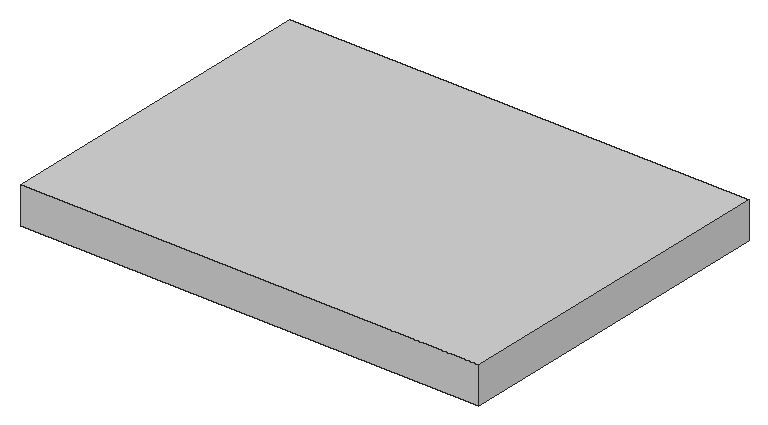
Revit family "EV_ECCENTRIC WASHER_1861692", category Generic Models, Revit 2018
Family settings
  Can host rebar = No
  Round Connector Dimension = Use Diameter
  Part Type = Normal
  OmniClass Number = 35.51.14.00
  OmniClass Title = FORMWORK
  Work Plane-Based = Yes
  Always vertical = No
  Cut with Voids When Loaded = No
  Shared = Yes
  Room Calculation Point = No
Parameters
  VERSION = "20170217"  # constant formula
  URL = "www.ulmaconstruction.com/en"
  UNICLASS = ""
  Manufacturer = "ULMA CONSTRUCTION"  # constant formula
  ITEM_CODE = "1861692"
  FILTER [instance] = ""
  Default Elevation = 0.000 mm
  CLASSIFICATION_TITLE = ""
  CLASSIFICATION_NUMBER = ""
Reference planes
  plane 1 "Centro (Frontal/Posterior)": y = 0
  plane 2: z = 0
  plane 3 "Centro (Izquierda/Derecha)": x = 0
Forms (mm)
  Extrusion 1, solid, material "ULMA ZINC"
    sketch origin (0, 0, 0) x (1, 0, 0) y (0, 1, 0)
      loop
        line (-75, 26) -> (-75, -84) -> (75, -84) -> (75, 26) -> (-75, 26)
    from 0 to 12
Lines and regions (mm)
  model lines, style "ULMA ANCHOR", detail levels medium+fine
    curve 1: circle (0, 0, 0) r 10 normal (0, 0, 1)
    curve 2: circle (0, -29, 0) r 10 normal (0, 0, 1)
    curve 3: circle (0, 0, 12) r 10 normal (0, 0, 1)
    curve 4: circle (0, -29, 12) r 10 normal (0, 0, 1)
Dimensions and locks
  aligned and locked: level to plane 2
